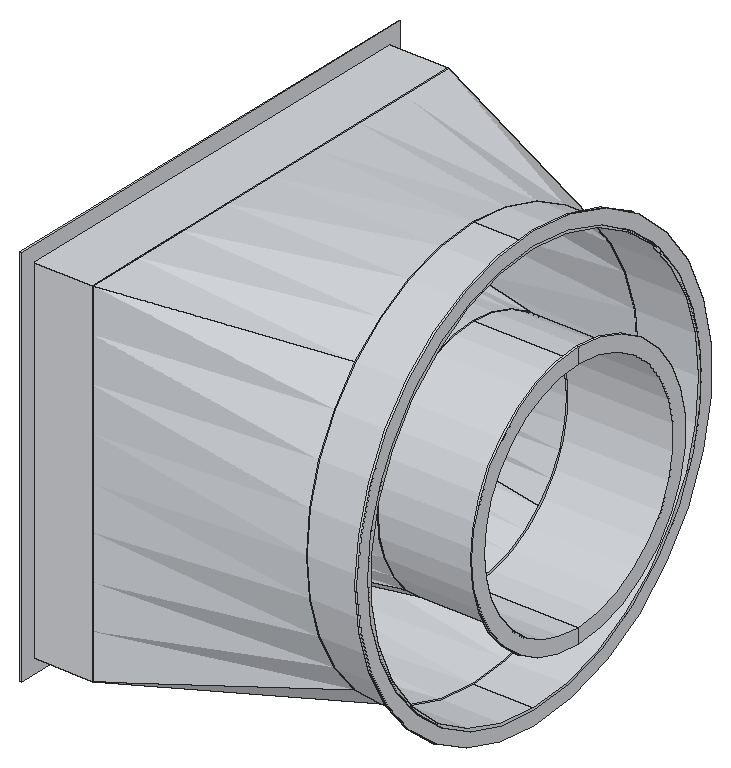
Revit family
Parameters (values of type "DW6X9TO8DWSQRDADPASY-3")
  WIDTH/2 = WIDTH / 2  # 3"
  WIDTH = 6"
  WALLTHICK = 9/256"  # constant formula
  STEPLENGTH = 3 37/64"  # constant formula
  OFFSET = 1 1/2"  # constant formula
  Model = "DW6X9TO8DWSQRDADPASY-3"
  Manufacturer = "CaptiveAire"
  OVERALLLENGTH = 14"  # constant formula
  LENGTH/2 = LENGTH / 2  # 4 1/2"
  LENGTH = 9"
  FLANGEWIDTH = 1/2"  # constant formula
  FLANGETHICK = 1/16"
  FLANGERAD = (FLANGEDIA / 2)  # 4 1/2"
  FLANGEDIA = (DUCTINSIDERAD * 2) + 1"  # 9"
  Description = "6X9 To 8 Square To Round Standard Adaptor Double Wall"
  DWWIDTH/2 = DWWIDTH / 2  # 6"
  DWWIDTH = WIDTH + DWOFFSET + DWOFFSET  # 12"
  DWOFFSET = 3"
  DWLENGTH/2 = DWLENGTH / 2  # 7 1/2"
  DWLENGTH = LENGTH + DWOFFSET + DWOFFSET  # 15"
  DWFLANGERAD = FLANGERAD + DWOFFSET  # 7 1/2"
  DWDUCTRAD = DUCTRAD + DWOFFSET  # 7 9/256"
  DWDUCTINSIDERAD = DUCTINSIDERAD + DWOFFSET - 1/32"  # 6 31/32"
  DWBLENDRAD = BLENDRAD + DWOFFSET  # 6 31/32"
  DUCTRAD = (DUCTDIA / 2)  # 4 9/256"
  DUCTINSIDERAD = 4"
  DUCTDIA = (DUCTINSIDERAD + WALLTHICK) * 2  # 8 9/128"
  BLENDRAD = DUCTINSIDERAD - 1/32"  # 3 31/32"
  45 = 45.00°  # constant formula
  0 = 0"  # constant formula
  -FLANGETHICK = -FLANGETHICK  # -1/16"
Types (11): name | WIDTH/2 | WIDTH | Model | LENGTH/2 | LENGTH | FLANGERAD | FLANGEDIA | Description | DWWIDTH/2 | DWWIDTH | DWOFFSET | DWLENGTH/2 | DWLENGTH | DWFLANGERAD | DWDUCTRAD | DWDUCTINSIDERAD | DWBLENDRAD | DUCTRAD | DUCTINSIDERAD | DUCTDIA | BLENDRAD
  (no name) | 3" | 6" | "DW6X9TO8DWSQRDADPASY-3" | 4 1/2" | 9" | 4 1/2" | 9" | "6X9 To 8 Square To Round Standard Adaptor Double Wall" | 6" | 12" | 3" | 7 1/2" | 15" | 7 1/2" | 7 9/256" | 6 31/32" | 6 31/32" | 4 9/256" | 4" | 8 9/128" | 3 31/32"
  DW6X9TO8DWSQRDADPASY-2 | 3" | 6" | "DW6X9TO8DWSQRDADPASY-2" | 4 1/2" | 9" | 4 1/2" | 9" | "6X9 To 8 Square To Round Standard Adaptor Double Wall" | 5" | 10" | 2" | 6 1/2" | 13" | 6 1/2" | 6 9/256" | 5 31/32" | 5 31/32" | 4 9/256" | 4" | 8 9/128" | 3 31/32"
  DW6X13TO10DWSQRDADPASY-2 | 3" | 6" | "DW6X13TO10DWSQRDADPASY-2" | 6 1/2" | 13" | 5 1/2" | 11" | "6X13 To 10 Square To Round Standard Adaptor Double Wall" | 5" | 10" | 2" | 8 1/2" | 17" | 7 1/2" | 7 9/256" | 6 31/32" | 6 31/32" | 5 9/256" | 5" | 10 9/128" | 4 31/32"
  DW10X12TO12DWSQRDADPASY-2 | 5" | 10" | "DW10X12TO12DWSQRDADPASY-2" | 6" | 12" | 6 1/2" | 13" | "10X12 To 12 Square To Round Standard Adaptor Double Wall" | 7" | 14" | 2" | 8" | 16" | 8 1/2" | 8 9/256" | 7 31/32" | 7 31/32" | 6 9/256" | 6" | 12 9/128" | 5 31/32"
  DW10X16TO14DWSQRDADPASY-3 | 5" | 10" | "DW10X16TO14DWSQRDADPASY-3" | 8" | 16" | 7 1/2" | 15" | "10X16 To 14 Square To Round Standard Adaptor Double Wall" | 8" | 16" | 3" | 11" | 22" | 10 1/2" | 10 9/256" | 9 31/32" | 9 31/32" | 7 9/256" | 7" | 14 9/128" | 6 31/32"
  DW10X20TO16DWSQRDADPASY-3 | 5" | 10" | "DW10X20TO16DWSQRDADPASY-3" | 10" | 20" | 8 1/2" | 17" | "10X20 To 16 Square To Round Standard Adaptor Double Wall" | 8" | 16" | 3" | 13" | 26" | 11 1/2" | 11 9/256" | 10 31/32" | 10 31/32" | 8 9/256" | 8" | 16 9/128" | 7 31/32"
  DW10X26TO18DWSQRDADPASY-3 | 5" | 10" | "DW10X26TO18DWSQRDADPASY-3" | 13" | 26" | 9 1/2" | 19" | "10X26 To 18 Square To Round Standard Adaptor Double Wall" | 8" | 16" | 3" | 16" | 32" | 12 1/2" | 12 9/256" | 11 31/32" | 11 31/32" | 9 9/256" | 9" | 18 9/128" | 8 31/32"
  DW10X32TO20DWSQRDADPASY-3 | 5" | 10" | "DW10X32TO20DWSQRDADPASY-3" | 16" | 32" | 10 1/2" | 21" | "10X32 To 20 Square To Round Standard Adaptor Double Wall" | 8" | 16" | 3" | 19" | 38" | 13 1/2" | 13 9/256" | 12 31/32" | 12 31/32" | 10 9/256" | 10" | 20 9/128" | 9 31/32"
  DW6X9TO8DWSQRDADPASY-3 | 3" | 6" | "DW6X9TO8DWSQRDADPASY-3" | 4 1/2" | 9" | 4 1/2" | 9" | "6X9 To 8 Square To Round Standard Adaptor Double Wall" | 6" | 12" | 3" | 7 1/2" | 15" | 7 1/2" | 7 9/256" | 6 31/32" | 6 31/32" | 4 9/256" | 4" | 8 9/128" | 3 31/32"
  DW6X13TO10DWSQRDADPASY-3 | 3" | 6" | "DW6X13TO10DWSQRDADPASY-3" | 6 1/2" | 13" | 5 1/2" | 11" | "6X13 To 10 Square To Round Standard Adaptor Double Wall" | 6" | 12" | 3" | 9 1/2" | 19" | 8 1/2" | 8 9/256" | 7 31/32" | 7 31/32" | 5 9/256" | 5" | 10 9/128" | 4 31/32"
  DW10X12TO12DWSQRDADPASY-3 | 5" | 10" | "DW10X12TO12DWSQRDADPASY-3" | 6" | 12" | 6 1/2" | 13" | "10X12 To 12 Square To Round Standard Adaptor Double Wall" | 8" | 16" | 3" | 9" | 18" | 9 1/2" | 9 9/256" | 8 31/32" | 8 31/32" | 6 9/256" | 6" | 12 9/128" | 5 31/32"
Reference planes (in)
  plane 1 "Center (Front/Back)": y = -1.66242
  plane 2: z = 0.42354
  plane 3 "Center (Left/Right)": x = 0.46486
  plane 4: x = 7.46486
  plane 5: x = 3.88673
  plane 6: x = -6.53514
  plane 7: x = -2.95702
  plane 8: y = 2.83758
  plane 9: z = 3.42354
  plane 10: y = -6.16242
  plane 11: z = -2.57646
  plane 12: z = 3.92354
  plane 13: y = -6.66242
  plane 14: z = -3.07646
  plane 15: y = 3.33758
  plane 16: x = -5.03514
  plane 17: x = -4.97264
  plane 18: x = 5.90236
  plane 19: x = 5.96486
  plane 20: z = 6.42354
  plane 21: z = -5.57646
  plane 22: y = 5.83758
  plane 23: y = -9.16242
Forms (in)
  Blend 1, solid
    base sketch origin (-2.95702, -180, 24.54183) x (0, 0, 1) y (0, 1, 0)
      loop
        line (-18.11828, 185.83758) -> (-30.11828, 185.83758) -> (-30.11828, 170.83758) -> (-18.11828, 170.83758) -> (-18.11828, 185.83758)
    top sketch origin (-2.95702, -180, 24.54183) x (0, 0, 1) y (0, 1, 0)
      loop
        arc (-19.14368, 183.31219) -> (-24.11828, 185.37274) -> (-29.09289, 183.31219) r 7.03516
        arc (-29.09289, 183.31219) -> (-31.15344, 178.33758) -> (-29.09289, 173.36298) r 7.03516
        arc (-29.09289, 173.36298) -> (-24.11828, 171.30243) -> (-19.14368, 173.36298) r 7.03516
        arc (-19.14368, 173.36298) -> (-17.08313, 178.33758) -> (-19.14368, 183.31219) r 7.03516
    from 0 to -6.84375
  Blend 2, void
    base sketch origin (-2.95702, -180, 24.54183) x (0, 0, -1) y (0, 1, 0)
      loop
        line (18.15344, 185.80243) -> (18.15344, 170.87274) -> (30.08313, 170.87274) -> (30.08313, 185.80243) -> (18.15344, 185.80243)
    top sketch origin (-2.95702, -180, 24.54183) x (0, 0, -1) y (0, 1, 0)
      loop
        arc (19.19063, 183.26523) -> (17.14953, 178.33758) -> (19.19063, 173.40993) r 6.96875
        arc (19.19063, 173.40993) -> (24.11828, 171.36883) -> (29.04593, 173.40993) r 6.96875
        arc (29.04593, 173.40993) -> (31.08703, 178.33758) -> (29.04593, 183.26523) r 6.96875
        arc (29.04593, 183.26523) -> (24.11828, 185.30633) -> (19.19063, 183.26523) r 6.96875
    from 0 to 6.84375
  Extrusion 3, solid
    sketch origin (3.88673, -180, 24.54183) x (0, 0, 1) y (0, -1, 0)
      loop
        circle (-24.11828, -178.33758) r 7.03516
      loop
        circle (-24.11828, -178.33758) r 6.96875
    from 0 to 2.07812
  Extrusion 4, solid
    sketch origin (-2.95702, -180, 24.54183) x (0, 0, 1) y (0, 1, 0)
      loop
        line (-18.11828, 185.83758) -> (-30.11828, 185.83758) -> (-30.11828, 170.83758) -> (-18.11828, 170.83758) -> (-18.11828, 185.83758)
      loop
        line (-30.08313, 170.87274) -> (-18.15344, 170.87274) -> (-18.15344, 185.80243) -> (-30.08313, 185.80243) -> (-30.08313, 170.87274)
    from 0 to 2.07812
  Extrusion 5, solid
    sketch origin (5.96486, -180, 24.54183) x (0, 0, 1) y (0, -1, 0)
      loop
        circle (-24.11828, -178.33758) r 7.03516
      loop
        circle (-24.11828, -178.33758) r 7.5
    from 0 to -0.0625 <- "-FLANGETHICK"
  Extrusion 6, solid
    sketch origin (-4.97264, -180, 7.16309) x (0, 0, 1) y (0, -1, 0)
      loop
        line (-0.23955, -186.33758) -> (-0.23955, -170.33758) -> (-13.23955, -170.33758) -> (-13.23955, -186.33758) -> (-0.23955, -186.33758)
      loop
        line (-12.73955, -170.83758) -> (-12.73955, -185.83758) -> (-0.73955, -185.83758) -> (-0.73955, -170.83758) -> (-12.73955, -170.83758)
    from 0 to -0.0625 <- "-FLANGETHICK"
  Blend 7, solid
    base sketch origin (-2.95702, -180, 24.54183) x (0, 0, 1) y (0, 1, 0)
      loop
        line (-21.11828, 182.83758) -> (-27.11828, 182.83758) -> (-27.11828, 173.83758) -> (-21.11828, 173.83758) -> (-21.11828, 182.83758)
    top sketch origin (-2.95702, -180, 24.54183) x (0, 0, 1) y (0, 1, 0)
      loop
        arc (-26.97157, 181.19087) -> (-28.15344, 178.33758) -> (-26.97157, 175.4843) r 4.03516
        arc (-26.97157, 175.4843) -> (-24.11828, 174.30243) -> (-21.265, 175.4843) r 4.03516
        arc (-21.265, 175.4843) -> (-20.08313, 178.33758) -> (-21.265, 181.19087) r 4.03516
        arc (-21.265, 181.19087) -> (-24.11828, 182.37274) -> (-26.97157, 181.19087) r 4.03516
    from 0 to -6.84375
  Blend 8, void
    base sketch origin (-2.95702, -180, 24.54183) x (0, 0, -1) y (0, 1, 0)
      loop
        line (21.15344, 182.80243) -> (21.15344, 173.87274) -> (27.08313, 173.87274) -> (27.08313, 182.80243) -> (21.15344, 182.80243)
    top sketch origin (-2.95702, -180, 24.54183) x (0, 0, -1) y (0, 1, 0)
      loop
        arc (21.31195, 181.14391) -> (20.14953, 178.33758) -> (21.31195, 175.53125) r 3.96875
        arc (21.31195, 175.53125) -> (24.11828, 174.36883) -> (26.92461, 175.53125) r 3.96875
        arc (26.92461, 175.53125) -> (28.08703, 178.33758) -> (26.92461, 181.14391) r 3.96875
        arc (26.92461, 181.14391) -> (24.11828, 182.30633) -> (21.31195, 181.14391) r 3.96875
    from 0 to 6.84375
  Revolve 9, solid
    sketch origin (0, -1.66242, 0) x (1, 0, 0) y (0, 0, 1)
      loop
        line (3.88673, 4.4587) -> (3.88673, 4.42354) -> (7.46486, 4.42354) -> (7.46486, 4.92354) -> (7.40236, 4.92354) -> (7.40236, 4.4587) -> (3.88673, 4.4587)
      axis (3.88673, 0.42354) -> (7.46486, 0.42354)
    angle from 0 to 360
  Extrusion 10, solid
    sketch origin (-6.53514, -180, 24.54183) x (0, 0, 1) y (0, 1, 0)
      loop
        line (-21.15344, 182.80243) -> (-27.08313, 182.80243) -> (-27.08313, 173.87274) -> (-21.15344, 173.87274) -> (-21.15344, 182.80243)
      loop
        line (-27.11828, 173.83758) -> (-21.11828, 173.83758) -> (-21.11828, 182.83758) -> (-27.11828, 182.83758) -> (-27.11828, 173.83758)
    from 0 to -3.57812
  Extrusion 11, solid
    sketch origin (-6.53514, -180, 24.54183) x (0, 0, 1) y (0, 1, 0)
      loop
        line (-20.61828, 183.33758) -> (-27.61828, 183.33758) -> (-27.61828, 173.33758) -> (-20.61828, 173.33758) -> (-20.61828, 183.33758)
      loop
        line (-27.11828, 173.83758) -> (-21.11828, 173.83758) -> (-21.11828, 182.83758) -> (-27.11828, 182.83758) -> (-27.11828, 173.83758)
    from 0 to -0.0625 <- "-FLANGETHICK"
Cuts and joins
  Blend 2, Blend 8 cuts Blend 1
  Blend 8 cuts Extrusion 3
  Blend 8 cuts Extrusion 4
  Blend 8 cuts Extrusion 5
  Blend 8 cuts Blend 7
Lines and regions (in)
  reference lines
    curve 1: line (-2.95702, -1.66242, 0.42354) -> (-2.95702, -6.08183, 4.84296)
    curve 2: line (-2.95702, -1.66242, 0.42354) -> (-2.95702, 2.40345, 4.48941)
    curve 3: line (-2.95702, -1.66242, 0.42354) -> (-2.95702, 1.51956, -2.75844)
    curve 4: line (-2.95702, -1.66242, 0.42354) -> (-2.95702, -4.31407, -2.22811)
Dimensions and locks (in)
  equal spacing: plane 4, plane 3 "Center (Left/Right)", plane 6
  "STEPLENGTH": plane 6 to plane 7
  "STEPLENGTH": plane 4 to plane 5
  "OVERALLLENGTH": plane 6 to plane 4
  "WALLTHICK": cut or joined group of Blend 1, Blend 2, Blend 8 to Blend 2 sketch curve  (x3)
  "WALLTHICK": Blend 2 sketch curve to cut or joined group of Blend 1, Blend 2, Blend 8
  equal spacing: plane 8, plane 1 "Center (Front/Back)", plane 10
  "WIDTH": plane 11 to plane 9
  "LENGTH": plane 8 to plane 10
  "WIDTH/2": level to plane 9
  "FLANGEWIDTH": plane 12 to plane 9
  "FLANGEWIDTH": plane 13 to plane 10
  "FLANGEWIDTH": plane 14 to plane 11
  "FLANGEWIDTH": plane 15 to plane 8
  "OFFSET": plane 6 to plane 16
  "OFFSET": plane 4 to plane 19
  "FLANGETHICK": plane 17 to plane 16
  "FLANGETHICK": plane 19 to plane 18
  "DWWIDTH/2": plane 20 to level
  "DWWIDTH/2": level to plane 21
  "DWLENGTH/2": plane 23 to plane 1 "Center (Front/Back)"
  "DWLENGTH/2": plane 22 to plane 1 "Center (Front/Back)"
  locked: plane 1 "Center (Front/Back)" to Extrusion 5 sketch curve
  "FLANGEWIDTH": Extrusion 6 sketch curve to plane 22
  "FLANGEWIDTH": plane 23 to Extrusion 6 sketch curve
  "FLANGEWIDTH": Extrusion 6 sketch curve to plane 20
  "FLANGEWIDTH": plane 21 to Extrusion 6 sketch curve
  "WALLTHICK": plane 8 to Blend 8 sketch curve
  "WALLTHICK": Blend 8 sketch curve to plane 10
  "WALLTHICK": Blend 8 sketch curve to plane 9
  "WALLTHICK": Blend 8 sketch curve to plane 11
  "FLANGETHICK": plane 4 to Revolve 9 sketch curve
  "DUCTINSIDERAD": Revolve 9 sketch curve to level
  "DUCTRAD": Revolve 9 sketch curve to level
  "WALLTHICK": Extrusion 10 sketch curve to plane 10
  "WALLTHICK": plane 8 to Extrusion 10 sketch curve
  "WALLTHICK": Extrusion 10 sketch curve to plane 9
  "WALLTHICK": Extrusion 10 sketch curve to plane 11
  "FLANGERAD": Revolve 9 sketch curve to level
  "DWDUCTRAD": radius of Blend 1 sketch curve  (x4)
  "DWBLENDRAD": radius of Blend 2 sketch curve  (x4)
  "DWDUCTINSIDERAD": radius of Extrusion 3 sketch curve
  "DWFLANGERAD": radius of Extrusion 5 sketch curve
  "DUCTRAD": radius of Blend 7 sketch curve  (x4)
  "BLENDRAD": radius of Blend 8 sketch curve  (x4)
  "45": angle curve 1 to plane 1 "Center (Front/Back)"
  "45": angle plane 1 "Center (Front/Back)" to curve 2
  "45": angle level to curve 3
  "45": angle curve 4 to level
  aligned and locked: level to plane 2
  aligned and locked: plane 1 "Center (Front/Back)" to curve 4
  aligned and locked: level to curve 4
  aligned and locked: curve 2 to Blend 1 sketch curve
  aligned and locked: curve 3 to Blend 1 sketch curve
  aligned and locked: curve 1 to Blend 1 sketch curve
  aligned and locked: curve 4 to Blend 1 sketch curve
  aligned and locked: plane 5 to Blend 1
  aligned and locked: plane 5 to cut or joined group of Blend 1, Blend 2, Blend 8  (x2)
  aligned and locked: curve 2 to Blend 2 sketch curve
  aligned and locked: curve 1 to Blend 2 sketch curve
  aligned and locked: curve 4 to Blend 2 sketch curve
  aligned and locked: curve 3 to Blend 2 sketch curve
  aligned and locked: Extrusion 3 sketch curve to cut or joined group of Blend 1, Blend 2, Blend 8
  aligned: plane 4 to Extrusion 3
  aligned and locked: Extrusion 4 sketch curve to cut or joined group of Blend 1, Blend 2, Blend 8  (x7)
  aligned and locked: cut or joined group of Blend 1, Blend 2, Blend 8 to Extrusion 4 sketch curve
  aligned: plane 6 to Extrusion 4
  aligned and locked: Extrusion 5 sketch curve to Extrusion 3
  aligned and locked: Blend 1 sketch curve to plane 20
  aligned and locked: plane 21 to Blend 1 sketch curve
  aligned and locked: plane 23 to Blend 1 sketch curve
  aligned and locked: plane 22 to Blend 1 sketch curve
  aligned and locked: Extrusion 6 sketch curve to plane 20
  aligned and locked: plane 23 to Extrusion 6 sketch curve
  aligned and locked: plane 21 to Extrusion 6 sketch curve
  aligned and locked: plane 22 to Extrusion 6 sketch curve
  aligned and locked: Extrusion 4 to plane 16
  aligned and locked: Extrusion 3 to plane 19
  aligned and locked: plane 9 to Blend 7 sketch curve
  aligned and locked: plane 8 to Blend 7 sketch curve
  aligned and locked: plane 11 to Blend 7 sketch curve
  aligned and locked: plane 10 to Blend 7 sketch curve
  aligned and locked: plane 5 to Blend 7
  aligned and locked: curve 2 to Blend 7 sketch curve
  aligned and locked: curve 1 to Blend 7 sketch curve
  aligned and locked: curve 4 to Blend 7 sketch curve
  aligned and locked: curve 3 to Blend 7 sketch curve
  aligned and locked: curve 2 to Blend 8 sketch curve
  aligned and locked: curve 1 to Blend 8 sketch curve
  aligned and locked: curve 4 to Blend 8 sketch curve
  aligned and locked: curve 3 to Blend 8 sketch curve
  aligned and locked: Revolve 9 sketch curve to plane 4
  aligned and locked: Revolve 9 sketch curve to level
  aligned and locked: Revolve 9 to plane 5
  aligned and locked: plane 9 to Extrusion 10 sketch curve
  aligned and locked: plane 11 to Extrusion 10 sketch curve
  aligned and locked: plane 8 to Extrusion 10 sketch curve
  aligned and locked: plane 10 to Extrusion 10 sketch curve
  aligned and locked: plane 8 to Extrusion 11 sketch curve
  aligned and locked: plane 10 to Extrusion 11 sketch curve
  aligned and locked: plane 9 to Extrusion 11 sketch curve
  aligned and locked: plane 11 to Extrusion 11 sketch curve
  aligned and locked: Extrusion 11 sketch curve to plane 14
  aligned and locked: Extrusion 11 sketch curve to plane 12
  aligned and locked: Extrusion 11 sketch curve to plane 15
  aligned and locked: Extrusion 11 sketch curve to plane 13
  aligned and locked: Extrusion 10 to plane 7
Automatic sketch dimensions
  Blend 1 sketch curve to Blend 1 sketch curve = 0"  (x2)
  Blend 1 sketch curve to level = 0"
  Blend 1 sketch curve to plane 1 "Center (Front/Back)" = 0"
  Blend 2 sketch curve to Blend 2 sketch curve = 0"  (x2)
  Blend 2 sketch curve to level = 0"
  Blend 2 sketch curve to plane 1 "Center (Front/Back)" = 0"
  Extrusion 3 sketch curve to Extrusion 3 sketch curve = 0"  (x2)
  Extrusion 5 sketch curve to Extrusion 5 sketch curve = 0"
  Blend 7 sketch curve to Blend 7 sketch curve = 0"  (x2)
  Blend 7 sketch curve to level = 0"
  Blend 7 sketch curve to plane 1 "Center (Front/Back)" = 0"
  Blend 8 sketch curve to Blend 8 sketch curve = 0"  (x2)
  Blend 8 sketch curve to level = 0"
  Blend 8 sketch curve to plane 1 "Center (Front/Back)" = 0"
  plane 5 to Revolve 9 sketch curve = 0"
  plane 6 to Revolve 9 sketch curve = 3.12857"
  Revolve 9 sketch curve to Revolve 9 sketch curve = 3 3/4"
